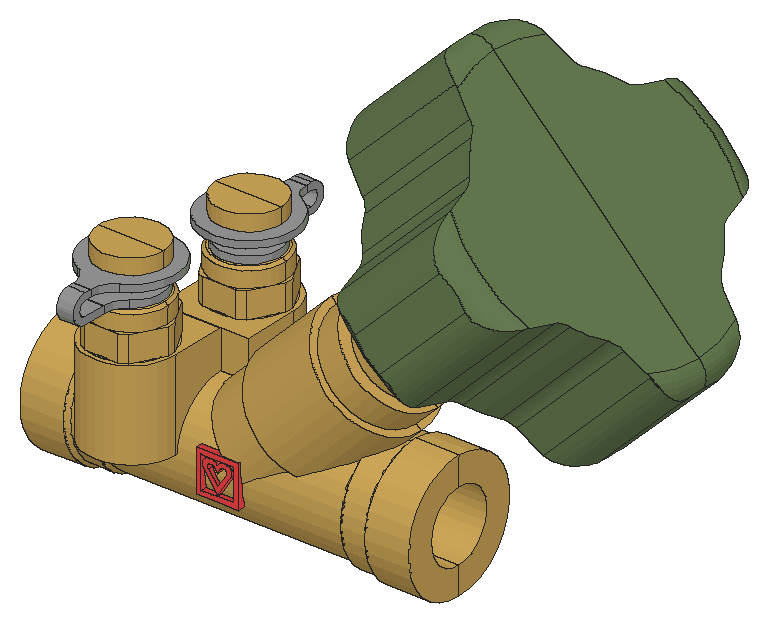
Revit family "Strangregulierventil mit Messblende für Trinkwasseranlagen 4017 MW", category Rohrzubehör, Revit 2020
Family settings
  Bemaßung runder Anschluss = Durchmesser verwenden
  Teiletyp = Unterbricht
  OmniClass-Nummer = 23.65.55.14
  OmniClass-Titel = Valves for Liquid Services
  Arbeitsebenenbasiert = Nein
  Immer vertikal = Ja
  Beim Laden mit Abzugskörper schneiden = Nein
  Gemeinsam genutzt = Nein
Parameters
  kvs-Wert [instance] = if(Nennweite = 15.000 mm, 2, if(Nennweite = 20.000 mm, 3.6, if(Nennweite = 25.000 mm, 6.5, if(Nennweite = 32.000 mm, 13.3, if(Nennweite = 40.000 mm, 18.5, if(Nennweite = 50.000 mm, 33, 0))))))  # 2
  kv-Wert der Blende [instance] = if(Nennweite = 15.000 mm, 1.95, if(Nennweite = 20.000 mm, 3.95, if(Nennweite = 25.000 mm, 7.9, if(Nennweite = 32.000 mm, 15.75, if(Nennweite = 40.000 mm, 21.5, if(Nennweite = 50.000 mm, 46.7, 0))))))  # 1.95
  W01 = 45.00°  # constant formula
  Vorgabe-Ansicht = 0.000 mm
  URL = "www.herz-armaturen.at"
  SW01 = 60.00°  # constant formula
  SCRNSEQ = "FW;SBT_TYP_FW=\"109\";2"
  SCRNCODE = "04;00;02"  # constant formula
  S03 = 60.000 mm  # constant formula
  S02 [instance] = L04 + L06 + L07  # 76.800 mm
  S01 [instance] = D01 * 2  # 27.000 mm
  R03 = 21.500 mm  # constant formula
  R02 = 9.500 mm  # constant formula
  R01 = 12.000 mm  # constant formula
  O-Ringe = "EPDM"  # constant formula
  Medium = "Trinkwasser"  # constant formula
  L10 [instance] = size_lookup("4017_MW_", "L10", 1.000 mm, Nennweite)  # 28.500 mm
  L09 [instance] = size_lookup("4017_MW_", "L9", 1.000 mm, Nennweite)  # 22.500 mm
  L08 [instance] = size_lookup("4017_MW_", "L8", 1.000 mm, Nennweite)  # 12.700 mm
  L07 [instance] = size_lookup("4017_MW_", "L7", 1.000 mm, Nennweite)  # 35.100 mm
  L06 [instance] = size_lookup("4017_MW_", "L6", 1.000 mm, Nennweite)  # 6.500 mm
  L05 [instance] = size_lookup("4017_MW_", "L5", 1.000 mm, Nennweite)  # 20.200 mm
  L04 [instance] = size_lookup("4017_MW_", "L4", 1.000 mm, Nennweite)  # 35.200 mm
  L03 [instance] = size_lookup("4017_MW_", "L3", 1.000 mm, Nennweite)  # 1.000 mm
  Hinweis = "Gemäß Art 33 der REACH-Verordnung (EG Nr. 1907/2006) sind wir verpflichtet, darauf hinzuweisen, dass der Stoff Blei auf der SVHC-Liste geführt wird und dass alle aus Messing bestehenden Bauteile, die in unseren Erzeugnissen verarbeitet sind, mehr als 0,1 % (w/w) Blei (CAS: 7439-92-1 / EINECS: 231-100-4) enthalten.\r\nDa Blei als Legierungsbestandteil fest gebunden ist, sind keine Expositionen zu erwarten und daher sind keine zusätzlichen Angaben zur sicheren Verwendung notwendig."
  Handrad = "Kunststoff, grün"  # constant formula
  H03 [instance] = H01 - 19.000 mm  # 1.000 mm
  H02 = 13.000 mm  # constant formula
  Gehäuse = "entzinkungsbeständiges Messing (DZR)"  # constant formula
  E01 [instance] = L00 / -2  # -41.500 mm
  E00 = 0.000 mm  # constant formula
  D09 [instance] = size_lookup("4017_MW_", "D9", 1.000 mm, Nennweite)  # 11.750 mm
  D08 [instance] = size_lookup("4017_MW_", "D8", 1.000 mm, Nennweite)  # 9.500 mm
  D07 [instance] = size_lookup("4017_MW_", "D7", 1.000 mm, Nennweite)  # 12.000 mm
  D06 [instance] = size_lookup("4017_MW_", "D6", 1.000 mm, Nennweite)  # 13.500 mm
  D05 [instance] = size_lookup("4017_MW_", "D5", 1.000 mm, Nennweite)  # 12.500 mm
  D04 [instance] = Nennweite / 2  # 7.500 mm
  IG [instance] = Nennweite / 2  # 7.500 mm
  D03 [instance] = size_lookup("4017_MW_", "D3", 1.000 mm, Nennweite)  # 11.900 mm
  D02 [instance] = size_lookup("4017_MW_", "D2", 1.000 mm, Nennweite)  # 12.700 mm
  D01 [instance] = size_lookup("4017_MW_", "D1", 1.000 mm, Nennweite)  # 13.500 mm
  Nennweite [instance] = 15.000 mm
  Max. Differenzdruck bei geschlossenen Sitz = 1000000.0 Pa  # constant formula
  Max. Betriebstemperatur bei 10 bar = 85 °C  # constant formula
  Max. Betriebsdruck bei 20°C = 2000000.0 Pa  # constant formula
  L02 [instance] = size_lookup("4017_MW_", "L2", 1.000 mm, Nennweite)  # 5.000 mm
  L01 [instance] = size_lookup("4017_MW_", "L1", 1.000 mm, Nennweite)  # 9.250 mm
  L00 [instance] = size_lookup("4017_MW_", "L", 1.000 mm, Nennweite)  # 83.000 mm
  Hersteller = "HERZ Armaturen Ges.m.b.H."  # constant formula
  H01 [instance] = size_lookup("4017_MW_", "H1", 1.000 mm, Nennweite)  # 20.000 mm
  GT [instance] = size_lookup("4017_MW_", "GT", 1.000 mm, Nennweite)  # 13.200 mm
  DN50 [instance] = Nennweite = 50.000 mm  # no
  DN40 [instance] = Nennweite = 40.000 mm  # no
  DN32 [instance] = Nennweite = 32.000 mm  # no
  DN25 [instance] = Nennweite = 25.000 mm  # no
  DN20 [instance] = Nennweite = 20.000 mm  # no
  DN15 [instance] = Nennweite = 15.000 mm  # yes
  Bestellnummer [instance] = size_lookup("4017_MW_", "Artnr", 0, Nennweite)  # 2401701
  Ausführung = "Nach Norm BS 7350 PN20 Serie B\r\nSchrägsitzregulierventil aus Kupferlegierung.\r\nAlle wasserberührten Metallteile sind aus entzinkungsbeständiger Kupferlegierung hergestellt.\r\nDie Oberteile sind mit nichtsteigender Spindel ausgestattet."
  Anwendungsgebiet = "Zum Absperren und Regulieren von Trinkwasseranlagen in Gebäuden bzw. zum hydraulischen Abgleich von Versorgungsleitungen."
Reference planes
  plane 1 "Mitte (Vorne/hinten)": y = 0
  plane 2: z = 0
  plane 3 "Mitte (Links/rechts)": x = 0
Forms (mm)
  Revolve 1, solid, material "Messing, weicher Gelbton, geschweißt", detail levels fine
    sketch origin (470, 0, 0) x (1, 0, 0) y (0, 0, 1)
      loop
        line (-511.5, 7.5) -> (-498.3, 7.5) -> (-498.3, 0) -> (-441.7, 0) -> (-441.7, 7.5) -> (-428.5, 7.5) -> (-428.5, 13.5) -> (-437.75, 13.5) -> (-438.55, 12.7) -> (-443.55, 12.7) -> (-444.35, 11.9) -> (-495.65, 11.9) -> (-496.45, 12.7) -> (-501.45, 12.7) -> (-502.25, 13.5) -> (-511.5, 13.5) -> (-511.5, 7.5)
      axis (-511.5, 0) -> (-428.5, 0)
    angle from 0 to 360
  Revolve 2, solid, material "Messing, weicher Gelbton, geschweißt", detail levels fine
    sketch origin (0.32, 0, -0.105) x (1, 0, 0) y (0, 0, 1)
      loop
        line (-1.32, 0.105) -> (52.986, 54.411) -> (44.677, 62.719) -> (35.697, 53.739) -> (37.288, 52.148) -> (21.449, 36.309) -> (19.681, 38.076) -> (15.085, 33.48) -> (14.024, 34.541) -> (-0.259, 20.257) -> (0.448, 19.55) -> (-7.098, 12.005) -> (-6.623, 5.408) -> (-1.32, 0.105)
      axis (-1.32, 0.105) -> (52.986, 54.411)
    angle from 0 to 360
  Extrusion 3, solid, material "Messing, weicher Gelbton, geschweißt", detail levels fine
    sketch origin (0, 0, 0) x (1, 0, 0) y (0, 1, 0)
      loop
        arc (-28.5, -12) -> (-19, -21.5) -> (-9.5, -12) r 9.5
        line (-9.5, -12) -> (-9.5, 0) -> (-28.5, 0) -> (-28.5, -12)
    from 1 <- "H03" to 20 <- "H01"
  Extrusion 4, solid, material "Messing, weicher Gelbton, geschweißt", detail levels fine
    sketch origin (0, 0, 0) x (1, 0, 0) y (0, 1, 0)
      loop
        line (-22.5, 12) -> (-22.5, 0) -> (-3.5, 0) -> (-3.5, 12)
        arc (-3.5, 12) -> (-13, 21.5) -> (-22.5, 12) r 9.5
    from 0 to 20 <- "H01"
Lines and regions (mm)
  model lines, detail levels coarse+medium
    curve 1: line (-41.5, 0, 13.5) -> (-41.5, 0, -13.5)
    curve 2: line (-41.5, 0, -13.5) -> (41.5, 0, 13.5)
    curve 3: line (41.5, 0, 13.5) -> (41.5, 0, -13.5)
    curve 4: line (41.5, 0, -13.5) -> (-41.5, 0, 13.5)
    curve 5: line (0, 0, 0) -> (38.4, 0, 66.511)
    curve 6: line (12.419, 0, 81.511) -> (64.381, 0, 51.511)
    curve 7: line (-41.5, -13.5, 0) -> (-41.5, 13.5, 0)
    curve 8: line (-41.5, 13.5, 0) -> (41.5, -13.5, 0)
    curve 9: line (41.5, -13.5, 0) -> (41.5, 13.5, 0)
    curve 10: line (41.5, 13.5, 0) -> (-41.5, -13.5, 0)
    curve 11: line (0, 0, 0) -> (38.4, 66.511, 0)
    curve 12: line (12.419, 81.511, 0) -> (64.381, 51.511, 0)
Dimensions and locks
  "L00": Revolve 1 sketch curve to Revolve 1 sketch curve
  equal spacing: Revolve 1 sketch curve, plane 3 "Mitte (Links/rechts)", Revolve 1 sketch curve
  "D01": Revolve 1 sketch curve to Revolve 1 sketch curve  (x2)
  "GT": Revolve 1 sketch curve to Revolve 1 sketch curve  (x2)
  "D06": Revolve 2 sketch curve to Revolve 2 sketch curve
  "D07": Revolve 2 sketch curve to Revolve 2 sketch curve
  "D08": Revolve 2 sketch curve to Revolve 2 sketch curve
  "D09": Revolve 2 sketch curve to Revolve 2 sketch curve
  equal spacing: curve 1, plane 3 "Mitte (Links/rechts)", curve 3
  "L00": curve 1 to curve 3
  equal spacing: curve 4, plane 2, curve 2
  "S01": curve 4 to curve 1
  "S01": curve 3 to curve 4
  equal spacing: curve 3, plane 2, curve 4
  "S02": curve 5 to curve 5
  equal spacing: curve 6, curve 5, curve 6
  "S03": curve 6 to curve 6
  equal spacing: curve 7, plane 3 "Mitte (Links/rechts)", curve 9
  "L00": curve 7 to curve 9
  equal spacing: curve 10, plane 1 "Mitte (Vorne/hinten)", curve 8
  "S01": curve 8 to curve 10
  equal spacing: curve 9, plane 1 "Mitte (Vorne/hinten)", curve 10
  "S01": curve 10 to curve 9
  "S02": curve 11 to curve 11
  equal spacing: curve 12, curve 11, curve 12
  "S03": curve 12 to curve 12
  "L01": Revolve 1 sketch curve to Revolve 1 sketch curve  (x2)
  "D02": Revolve 1 sketch curve to plane 2  (x2)
  "D03": Revolve 1 sketch curve to plane 2
  "IG": Revolve 1 sketch curve to plane 2  (x2)
  "L02": Revolve 1 sketch curve to Revolve 1 sketch curve  (x2)
  "L04": Revolve 2 sketch curve to Revolve 2 sketch curve
  "L05": Revolve 2 sketch curve to Revolve 2 sketch curve
  "D03": Revolve 2 sketch curve to plane 2
  "L06": Revolve 2 sketch curve to Revolve 2 sketch curve
  "L08": Revolve 2 sketch curve to Revolve 2 sketch curve
  "L07": Revolve 2 sketch curve to Revolve 2 sketch curve
  "D04": Revolve 2 sketch curve to Revolve 2 sketch curve
  "D05": Revolve 2 sketch curve to Revolve 2 sketch curve
  "L03": plane 3 "Mitte (Links/rechts)" to Revolve 2 sketch curve  (x2)
  "D03": nested 1 to plane 1 "Mitte (Vorne/hinten)"
  "L09": Revolve 1 to Extrusion 3 sketch curve
  "R01": Extrusion 3 sketch curve to plane 1 "Mitte (Vorne/hinten)"
  "R01": plane 1 "Mitte (Vorne/hinten)" to Extrusion 4 sketch curve
  "L10": Revolve 1 to Extrusion 4 sketch curve
  "H01": nested 3 to plane 2
  "H01": nested 2 to plane 2
  "R01": nested 3 to plane 1 "Mitte (Vorne/hinten)"
  "R01": plane 1 "Mitte (Vorne/hinten)" to nested 2
  "L10": Revolve 1 to nested 2
  "L09": Revolve 1 to nested 3
  "R02": radius of Extrusion 3 sketch curve
  "R02": radius of Extrusion 4 sketch curve
  "W01": angle level to Revolve 2 sketch curve
  "SW01": angle plane 2 to curve 5
  "SW01": angle plane 1 "Mitte (Vorne/hinten)" to curve 11
  "W01": angle Revolve 1 sketch curve to Revolve 1 sketch curve  (x4)
  "W01": angle plane 2 to Revolve 2 sketch curve
  aligned and locked: level to plane 2
Automatic sketch dimensions
  curve 5 to level = 0.000 mm
  plane 1 "Mitte (Vorne/hinten)" to curve 11 = 0.000 mm
  Revolve 1 sketch curve to level = 0.000 mm  (x2)
  Revolve 1 sketch curve to Revolve 1 sketch curve = 791.990 mm
  Revolve 1 sketch curve to Revolve 1 sketch curve = 2278.983 mm
  Revolve 2 sketch curve to level = 0.000 mm  (x2)
  plane 1 "Mitte (Vorne/hinten)" to Extrusion 3 sketch curve = 0.000 mm
  plane 1 "Mitte (Vorne/hinten)" to Extrusion 4 sketch curve = 0.000 mm
Nested families
  nested 1: "Herz-Logo-vorne" at (0, -11.9, 0) x (0, 1, 0) z (0, 0, 1), type "Herz-Logo-vorne", detail levels fine
  nested 2: "Messstutzen_Band_Austritt_senkrecht_(oben)" at (-13, 12, 2.5), type "Messstutzen_Band_Austritt_senkrecht_(oben)"
    with Schutzkappe yes, Nennweite 0.000 mm, Gewicht 0.00 kg, Bestellnummer 0
  nested 3: "Messstutzen_Band_Eintritt_senkrecht_(oben)" at (-19, -12, 2.5) x (-1, 0, 0) z (0, 0, 1), type "Messstutzen_Band_Eintritt_senkrecht_(oben)"
    with Schutzkappe yes, Nennweite 0.000 mm, Gewicht 0.00 kg, Bestellnummer 0
  nested 4: "Strangregulierventil-Handrad (Grün) DN15-DN32" at (53.306, 0, 54.306), visible <- "DN15", type "Strangregulierventil-Handrad (Grün) DN15-DN32"
    with Nennweite 0.000 mm, Gewicht 0.00 kg, Bestellnummer 0
  nested 5: "Strangregulierventil-Handrad (Grün) DN15-DN32" at (55.846, 0, 56.846), visible <- "DN20", type "Strangregulierventil-Handrad (Grün) DN15-DN32"
    with Nennweite 0.000 mm, Gewicht 0.00 kg, Bestellnummer 0
  nested 6: "Strangregulierventil-Handrad (Grün) DN15-DN32" at (64.569, 0, 70.069), visible <- "DN25", type "Strangregulierventil-Handrad (Grün) DN15-DN32"
    with Nennweite 0.000 mm, Gewicht 0.00 kg, Bestellnummer 0
  nested 7: "Strangregulierventil-Handrad (Grün) DN15-DN32" at (67.426, 0, 76.226), visible <- "DN32", type "Strangregulierventil-Handrad (Grün) DN15-DN32"
    with Nennweite 0.000 mm, Gewicht 0.00 kg, Bestellnummer 0
  nested 8: "Strangregulierventil-Handrad (Grün) DN40-DN50" at (76.747, 0, 88.247), visible <- "DN40", type "Strangregulierventil-Handrad (Grün) DN40-DN50"
    with Nennweite 0.000 mm, Gewicht 0.00 kg, Bestellnummer 0
  nested 9: "Strangregulierventil-Handrad (Grün) DN40-DN50" at (75.124, 0, 91.924), visible <- "DN50", type "Strangregulierventil-Handrad (Grün) DN40-DN50"
    with Nennweite 0.000 mm, Gewicht 0.00 kg, Bestellnummer 0
Connectors
  piping at (-28.3, 0, 0), diameter 15, driven by "Nennweite"
    settings: on Revolve 1, index 1, connector inside diameter 609.6 mm, connector length 0.000 mm, flow factor 0, pipe flow 0.0 L/s, pressure drop 0.0 Pa, fitting loss kfactor 0, connector angle 0.00°, fixture units 0, engagement length 0.000 mm, angle of deflection 0.00°, flow configuration 0, flow direction 1, fitting loss method 0, system type 29, joint type 0, gender type 0, connector reference index -1, connector utility 0, adjustable connector no, is connector primary yes, connector description ""
  piping at (28.3, 0, 0), diameter 15, driven by "Nennweite"
    settings: on Revolve 1, index 2, connector inside diameter 609.6 mm, connector length 0.000 mm, flow factor 0, pipe flow 0.0 L/s, pressure drop 0.0 Pa, fitting loss kfactor 0, connector angle 0.00°, fixture units 0, engagement length 0.000 mm, angle of deflection 0.00°, flow configuration 0, flow direction 2, fitting loss method 0, system type 29, joint type 0, gender type 0, connector reference index -1, connector utility 0, adjustable connector no, is connector primary no, connector description ""
Definition of nested family "Herz-Logo-vorne"
  Parameters (values of type "Herz-Logo-vorne")
    Default Elevation = 0.000 mm
  Reference planes
    plane 1 "Mitte (Vorne/hinten)": y = 0
    plane 2: z = 0
    plane 3 "Mitte (Links/rechts)": x = 0
  Forms (mm)
    Extrusion 1, solid
      sketch origin (0.732, -0.018, 0.017) x (0, -1, 0) y (0, 0, 1)
        loop
          line (-0.018, -4.517) -> (4.482, -4.517) -> (4.482, 4.483) -> (-4.518, 4.483) -> (-4.518, -4.517) -> (-0.018, -4.517)
        loop
          line (-0.05, -3.48) -> (3.482, -3.48) -> (3.482, 3.483) -> (-3.518, 3.483) -> (-3.518, -3.48) -> (-0.05, -3.48)
        loop
          arc (-0.018, 2.383) -> (-1.543, 3.287) -> (-3.067, 2.383) r 1.738
          arc (-3.067, 2.383) -> (-3.191, 1.899) -> (-3.067, 1.415) r 1.009
          line (-3.067, 1.415) -> (-0.018, -3.281) -> (3.032, 1.415)
          arc (3.032, 1.415) -> (3.156, 1.899) -> (3.032, 2.383) r 1.009
          arc (3.032, 2.383) -> (1.507, 3.287) -> (-0.018, 2.383) r 1.738
        loop
          arc (1.885, 1.272) -> (2.005, 1.675) -> (1.885, 2.079) r 0.74
          arc (1.885, 2.079) -> (1.265, 2.416) -> (0.644, 2.079) r 0.74
          line (0.644, 2.079) -> (-0.018, 0.97) -> (-0.679, 2.079)
          arc (-0.679, 2.079) -> (-1.3, 2.416) -> (-1.921, 2.079) r 0.74
          arc (-1.921, 2.079) -> (-2.04, 1.675) -> (-1.921, 1.272) r 0.74
          line (-1.921, 1.272) -> (-0.018, -1.658) -> (1.885, 1.272)
      from 0 to 1.5
  Dimensions and locks
    aligned and locked: level to plane 2
Definition of nested family "Messstutzen_Band_Austritt_senkrecht_(oben)"
  Parameters (values of type "Messstutzen_Band_Austritt_senkrecht_(oben)")
    Default Elevation = 0.000 mm
    URL = "www.herz-armaturen.at"
    Schutzkappe [instance] = yes
    Nennweite [instance] = 0.000 mm
    Manufacturer = "Herz Armaturen GmbH"  # constant formula
    Gewicht [instance] = 0.00 kg
    Bestellnummer [instance] = 0
  Reference planes
    plane 1 "Mitte (Vorne/hinten)": y = 0
    plane 2: z = 0
    plane 3 "Mitte (Links/rechts)": x = 0
    plane 4 "Schlaufe 1": z = -27
    plane 5 "Schlaufe 2": z = -31.678
  Forms (mm)
    Revolve 1, solid, detail levels fine
      sketch origin (0, 0, 0) x (1, 0, 0) y (0, 0, 1)
        loop
          line (-7.4, 9) -> (-5.55, 9) -> (-5.55, 6)
          arc (-5.55, 6) -> (-5.626, 5.617) -> (-5.843, 5.293) r 1
          line (-5.843, 5.293) -> (-6.455, 4.681) -> (-6.455, 0.9) -> (-5.555, 0) -> (-2, 0) -> (-2, 17.5) -> (-8.4, 17.5)
          arc (-8.4, 17.5) -> (-7.693, 17.207) -> (-7.4, 16.5) r 1
          line (-7.4, 16.5) -> (-7.4, 9)
        loop
          line (-3.7, 27) -> (-7.3, 27) -> (-7.9, 26.4) -> (-7.9, 23) -> (-2, 23) -> (-2, 35.8) -> (-3.805, 35.8) -> (-4.415, 35.19) -> (-4.415, 30.863) -> (-3.7, 30.45) -> (-3.7, 27)
        axis (0, 0) -> (0, 35.8)
      angle from 0 to 360
    Extrusion 2, solid, detail levels fine
      sketch origin (0, 0, 17.5) x (0, 1, 0) y (-1, 0, 0)
        loop
          arc (-7.07, 5.156) -> (-7.578, 4.375) -> (-8, 3.544) r 8.75
          line (-8, 3.544) -> (-8, -3.544)
          arc (-8, -3.544) -> (-7.578, -4.375) -> (-7.07, -5.156) r 8.75
          line (-7.07, -5.156) -> (-0.93, -8.7)
          arc (-0.93, -8.7) -> (0, -8.75) -> (0.93, -8.7) r 8.75
          line (0.93, -8.7) -> (7.07, -5.156)
          arc (7.07, -5.156) -> (7.578, -4.375) -> (8, -3.544) r 8.75
          line (8, -3.544) -> (8, 3.544)
          arc (8, 3.544) -> (7.578, 4.375) -> (7.07, 5.156) r 8.75
          line (7.07, 5.156) -> (0.93, 8.7)
          arc (0.93, 8.7) -> (0, 8.75) -> (-0.93, 8.7) r 8.75
          line (-0.93, 8.7) -> (-7.07, 5.156)
      from 0 to 5.5
    Revolve 3, solid, visible <- "Schutzkappe", detail levels fine
      sketch origin (0, 0, 0) x (1, 0, 0) y (0, 0, 1)
        loop
          line (0, 35.878) -> (0, 36.678) -> (-7, 36.678) -> (-7, 33.378) -> (-6.1, 33.378) -> (-6.1, 31.678) -> (-6.9, 31.678) -> (-6.9, 30.178) -> (-4.415, 30.178) -> (-4.415, 35.268) -> (-3.805, 35.878) -> (0, 35.878)
        axis (0, 30.178) -> (0, 36.678)
      angle from 0 to 360
    Extrusion 4, solid, detail levels fine
      sketch origin (0, 0, 28.5) x (1, 0, 0) y (0, 1, 0)
        loop
          circle (0, 0) r 3.7
        loop
          arc (-3.906, 5.505) -> (0, -6.75) -> (3.906, 5.505) r 6.75
          arc (3.906, 5.505) -> (2.358, 7.288) -> (1.8, 9.582) r 5
          line (1.8, 9.582) -> (-1.8, 9.582)
          arc (-1.8, 9.582) -> (-2.358, 7.288) -> (-3.906, 5.505) r 5
      from 0 to -1.5
    Extrusion 5, solid, detail levels fine
      sketch origin (0, 0, 33.178) x (1, 0, 0) y (0, 1, 0)
        loop
          circle (0, 0) r 6.1
        loop
          arc (-4.495, 8.652) -> (0, -9.75) -> (4.495, 8.652) r 9.75
          arc (4.495, 8.652) -> (2.527, 10.493) -> (1.8, 13.089) r 5
          line (1.8, 13.089) -> (-1.8, 13.089)
          arc (-1.8, 13.089) -> (-2.527, 10.493) -> (-4.495, 8.652) r 5
      from 0 to -1.5
    Sweep 6, solid, detail levels fine
      path origin (0, 0, 0) x (0, 0, -1) y (0, -1, 0)
        loop
          line (-27.75, -9.582) -> (-27.75, -14.522)
          arc (-27.75, -14.522) -> (-30.089, -16.862) -> (-32.428, -14.522) r 2.339
          line (-32.428, -14.522) -> (-32.428, -13.089)
      profile origin (0, 12.052, 27.75) x (0, 0, 1) y (1, 0, 0)
        loop
          line (-0.75, -1.8) -> (0.75, -1.8) -> (0.75, 1.8) -> (-0.75, 1.8) -> (-0.75, -1.8)
  Dimensions and locks
    aligned and locked: level to plane 2
Definition of nested family "Messstutzen_Band_Eintritt_senkrecht_(oben)"
  Parameters (values of type "Messstutzen_Band_Eintritt_senkrecht_(oben)")
    Default Elevation = 0.000 mm
    URL = "www.herz-armaturen.at"
    Schutzkappe [instance] = yes
    Nennweite [instance] = 0.000 mm
    Manufacturer = "Herz Armaturen GmbH"  # constant formula
    Gewicht [instance] = 0.00 kg
    Bestellnummer [instance] = 0
  Reference planes
    plane 1 "Mitte (Vorne/hinten)": y = 0
    plane 2: z = 0
    plane 3 "Mitte (Links/rechts)": x = 0
    plane 4 "Schlaufe 1": z = -27
    plane 5 "Schlaufe 2": z = -31.678
  Forms (mm)
    Revolve 1, solid, detail levels fine
      sketch origin (0, 0, 0) x (1, 0, 0) y (0, 0, 1)
        loop
          line (-7.4, 9) -> (-5.55, 9) -> (-5.55, 6)
          arc (-5.55, 6) -> (-5.626, 5.617) -> (-5.843, 5.293) r 1
          line (-5.843, 5.293) -> (-6.455, 4.681) -> (-6.455, 0.9) -> (-5.555, 0) -> (-2, 0) -> (-2, 17.5) -> (-8.4, 17.5)
          arc (-8.4, 17.5) -> (-7.693, 17.207) -> (-7.4, 16.5) r 1
          line (-7.4, 16.5) -> (-7.4, 9)
        loop
          line (-3.7, 27) -> (-7.3, 27) -> (-7.9, 26.4) -> (-7.9, 23) -> (-2, 23) -> (-2, 35.8) -> (-3.805, 35.8) -> (-4.415, 35.19) -> (-4.415, 30.863) -> (-3.7, 30.45) -> (-3.7, 27)
        axis (0, 0) -> (0, 35.8)
      angle from 0 to 360
    Extrusion 2, solid, detail levels fine
      sketch origin (0, 0, 17.5) x (0, 1, 0) y (-1, 0, 0)
        loop
          arc (-7.07, 5.156) -> (-7.578, 4.375) -> (-8, 3.544) r 8.75
          line (-8, 3.544) -> (-8, -3.544)
          arc (-8, -3.544) -> (-7.578, -4.375) -> (-7.07, -5.156) r 8.75
          line (-7.07, -5.156) -> (-0.93, -8.7)
          arc (-0.93, -8.7) -> (0, -8.75) -> (0.93, -8.7) r 8.75
          line (0.93, -8.7) -> (7.07, -5.156)
          arc (7.07, -5.156) -> (7.578, -4.375) -> (8, -3.544) r 8.75
          line (8, -3.544) -> (8, 3.544)
          arc (8, 3.544) -> (7.578, 4.375) -> (7.07, 5.156) r 8.75
          line (7.07, 5.156) -> (0.93, 8.7)
          arc (0.93, 8.7) -> (0, 8.75) -> (-0.93, 8.7) r 8.75
          line (-0.93, 8.7) -> (-7.07, 5.156)
      from 0 to 5.5
    Revolve 3, solid, visible <- "Schutzkappe", detail levels fine
      sketch origin (0, 0, 0) x (1, 0, 0) y (0, 0, 1)
        loop
          line (0, 35.878) -> (0, 36.678) -> (-7, 36.678) -> (-7, 33.378) -> (-6.1, 33.378) -> (-6.1, 31.678) -> (-6.9, 31.678) -> (-6.9, 30.178) -> (-4.415, 30.178) -> (-4.415, 35.268) -> (-3.805, 35.878) -> (0, 35.878)
        axis (0, 30.178) -> (0, 36.678)
      angle from 0 to 360
    Extrusion 4, solid, detail levels fine
      sketch origin (0, 0, 28.5) x (1, 0, 0) y (0, 1, 0)
        loop
          circle (0, 0) r 3.7
        loop
          arc (-3.906, 5.505) -> (0, -6.75) -> (3.906, 5.505) r 6.75
          arc (3.906, 5.505) -> (2.358, 7.288) -> (1.8, 9.582) r 5
          line (1.8, 9.582) -> (-1.8, 9.582)
          arc (-1.8, 9.582) -> (-2.358, 7.288) -> (-3.906, 5.505) r 5
      from 0 to -1.5
    Extrusion 5, solid, detail levels fine
      sketch origin (0, 0, 33.178) x (1, 0, 0) y (0, 1, 0)
        loop
          circle (0, 0) r 6.1
        loop
          arc (-4.495, 8.652) -> (0, -9.75) -> (4.495, 8.652) r 9.75
          arc (4.495, 8.652) -> (2.527, 10.493) -> (1.8, 13.089) r 5
          line (1.8, 13.089) -> (-1.8, 13.089)
          arc (-1.8, 13.089) -> (-2.527, 10.493) -> (-4.495, 8.652) r 5
      from 0 to -1.5
    Sweep 6, solid, detail levels fine
      path origin (0, 0, 0) x (0, 0, -1) y (0, -1, 0)
        loop
          line (-27.75, -9.582) -> (-27.75, -14.522)
          arc (-27.75, -14.522) -> (-30.089, -16.862) -> (-32.428, -14.522) r 2.339
          line (-32.428, -14.522) -> (-32.428, -13.089)
      profile origin (0, 12.052, 27.75) x (0, 0, 1) y (1, 0, 0)
        loop
          line (-0.75, -1.8) -> (0.75, -1.8) -> (0.75, 1.8) -> (-0.75, 1.8) -> (-0.75, -1.8)
  Dimensions and locks
    aligned and locked: level to plane 2
Definition of nested family "Strangregulierventil-Handrad (Grün) DN15-DN32"
  Parameters (values of type "Strangregulierventil-Handrad (Grün) DN15-DN32")
    Default Elevation = 0.000 mm
    URL = "www.herz-armaturen.at"
    Nennweite [instance] = 0.000 mm
    Manufacturer = "Herz Armaturen GmbH"  # constant formula
    Gewicht [instance] = 0.00 kg
    Bestellnummer [instance] = 0
  Reference planes
    plane 1 "Mitte (Vorne/hinten)": y = 0
    plane 2: z = 0
    plane 3 "Mitte (Links/rechts)": x = 0
  Forms (mm)
    Revolve 1, solid, detail levels fine
      sketch origin (0, 0, 0) x (0.707107, 0, -0.707107) y (0.707107, 0, 0.707107)
        loop
          line (0, 0) -> (0, 24.95) -> (-30.992, 24.95)
          arc (-30.992, 24.95) -> (-34.37, 23.636) -> (-35.973, 20.386) r 5
          line (-35.973, 20.386) -> (-37, 8.65) -> (-35.986, -2.936)
          arc (-35.986, -2.936) -> (-34.383, -6.186) -> (-31.005, -7.5) r 5
          line (-31.005, -7.5) -> (-15, -7.5) -> (-15, 0) -> (0, 0)
        axis (0, 24.95) -> (0, -7.5)
      angle from 0 to 360
    Extrusion 2, void
      sketch origin (14.354, 0, 14.354) x (0.707107, 0, -0.707107) y (0, 1, 0)
        loop
          line (3.861, 35.5) -> (-3.861, 35.5)
          arc (-3.861, 35.5) -> (-8.731, 33.847) -> (-11.589, 29.571) r 8
          line (-11.589, 29.571) -> (-13.284, 23.245)
          arc (-13.284, 23.245) -> (-13.982, 21.722) -> (-15.144, 20.516) r 5
          arc (-15.144, 20.516) -> (-18.031, 18.031) -> (-20.516, 15.144) r 25.5
          arc (-20.516, 15.144) -> (-21.722, 13.982) -> (-23.245, 13.284) r 5
          line (-23.245, 13.284) -> (-29.571, 11.589)
          arc (-29.571, 11.589) -> (-33.847, 8.731) -> (-35.5, 3.861) r 8
          line (-35.5, 3.861) -> (-35.5, -3.861)
          arc (-35.5, -3.861) -> (-33.847, -8.731) -> (-29.571, -11.589) r 8
          line (-29.571, -11.589) -> (-23.245, -13.284)
          arc (-23.245, -13.284) -> (-21.722, -13.982) -> (-20.516, -15.144) r 5
          arc (-20.516, -15.144) -> (-18.031, -18.031) -> (-15.144, -20.516) r 25.5
          arc (-15.144, -20.516) -> (-13.982, -21.722) -> (-13.284, -23.245) r 5
          line (-13.284, -23.245) -> (-11.589, -29.571)
          arc (-11.589, -29.571) -> (-8.731, -33.847) -> (-3.861, -35.5) r 8
          line (-3.861, -35.5) -> (3.861, -35.5)
          arc (3.861, -35.5) -> (8.731, -33.847) -> (11.589, -29.571) r 8
          line (11.589, -29.571) -> (13.284, -23.245)
          arc (13.284, -23.245) -> (13.982, -21.722) -> (15.144, -20.516) r 5
          arc (15.144, -20.516) -> (18.031, -18.031) -> (20.516, -15.144) r 25.5
          arc (20.516, -15.144) -> (21.722, -13.982) -> (23.245, -13.284) r 5
          line (23.245, -13.284) -> (29.571, -11.589)
          arc (29.571, -11.589) -> (33.847, -8.731) -> (35.5, -3.861) r 8
          line (35.5, -3.861) -> (35.5, 3.861)
          arc (35.5, 3.861) -> (33.847, 8.731) -> (29.571, 11.589) r 8
          line (29.571, 11.589) -> (23.245, 13.284)
          arc (23.245, 13.284) -> (21.722, 13.982) -> (20.516, 15.144) r 5
          arc (20.516, 15.144) -> (18.031, 18.031) -> (15.144, 20.516) r 25.5
          arc (15.144, 20.516) -> (13.982, 21.722) -> (13.284, 23.245) r 5
          line (13.284, 23.245) -> (11.589, 29.571)
          arc (11.589, 29.571) -> (8.731, 33.847) -> (3.861, 35.5) r 8
        loop
          circle (0, 0) r 38
      from -31.266 to 7.923
  Cuts and joins
    Extrusion 2 cuts Revolve 1
  Dimensions and locks
    Revolve 1 sketch curve to Revolve 1 sketch curve = 15.000 mm
    Revolve 1 sketch curve to Revolve 1 sketch curve = 16.150 mm
    Revolve 1 sketch curve to Revolve 1 sketch curve = 16.300 mm
    angle Revolve 1 sketch curve to Revolve 1 sketch curve = 95.00°
    aligned and locked: level to plane 2
Definition of nested family "Strangregulierventil-Handrad (Grün) DN40-DN50"
  Parameters (values of type "Strangregulierventil-Handrad (Grün) DN40-DN50")
    Default Elevation = 0.000 mm
    URL = "www.herz-armaturen.at"
    Nennweite [instance] = 0.000 mm
    Manufacturer = "Herz Armaturen GmbH"  # constant formula
    Gewicht [instance] = 0.00 kg
    Bestellnummer [instance] = 0
  Reference planes
    plane 1 "Mitte (Vorne/hinten)": y = 0
    plane 2: z = 0
    plane 3 "Mitte (Links/rechts)": x = 0
  Forms (mm)
    Revolve 1, solid, detail levels fine
      sketch origin (0, 0, 0) x (0.707107, 0, -0.707107) y (0.707107, 0, 0.707107)
        loop
          line (0, 0) -> (0, 24.95) -> (-50.992, 24.95)
          arc (-50.992, 24.95) -> (-54.37, 23.636) -> (-55.973, 20.386) r 5
          line (-55.973, 20.386) -> (-57, 8.65) -> (-55.986, -2.936)
          arc (-55.986, -2.936) -> (-54.383, -6.186) -> (-51.005, -7.5) r 5
          line (-51.005, -7.5) -> (-15, -7.5) -> (-15, 0) -> (0, 0)
        axis (0, 24.95) -> (0, -7.5)
      angle from 0 to 360
    Extrusion 2, void
      sketch origin (14.354, 0, 14.354) x (0.707107, 0, -0.707107) y (0, 1, 0)
        loop
          line (-55, 6.292) -> (-55, -6.292)
          arc (-55, -6.292) -> (-52.52, -13.597) -> (-46.106, -17.883) r 12
          line (-46.106, -17.883) -> (-35.399, -20.752)
          arc (-35.399, -20.752) -> (-33.541, -21.612) -> (-32.08, -23.047) r 6
          arc (-32.08, -23.047) -> (-27.931, -27.931) -> (-23.047, -32.08) r 39.5
          arc (-23.047, -32.08) -> (-21.612, -33.541) -> (-20.752, -35.399) r 6
          line (-20.752, -35.399) -> (-17.883, -46.106)
          arc (-17.883, -46.106) -> (-13.597, -52.52) -> (-6.292, -55) r 12
          line (-6.292, -55) -> (6.292, -55)
          arc (6.292, -55) -> (13.597, -52.52) -> (17.883, -46.106) r 12
          line (17.883, -46.106) -> (20.752, -35.399)
          arc (20.752, -35.399) -> (21.612, -33.541) -> (23.047, -32.08) r 6
          arc (23.047, -32.08) -> (27.931, -27.931) -> (32.08, -23.047) r 39.5
          arc (32.08, -23.047) -> (33.541, -21.612) -> (35.399, -20.752) r 6
          line (35.399, -20.752) -> (46.106, -17.883)
          arc (46.106, -17.883) -> (52.52, -13.597) -> (55, -6.292) r 12
          line (55, -6.292) -> (55, 6.292)
          arc (55, 6.292) -> (52.52, 13.597) -> (46.106, 17.883) r 12
          line (46.106, 17.883) -> (35.399, 20.752)
          arc (35.399, 20.752) -> (33.541, 21.612) -> (32.08, 23.047) r 6
          arc (32.08, 23.047) -> (27.931, 27.931) -> (23.047, 32.08) r 39.5
          arc (23.047, 32.08) -> (21.612, 33.541) -> (20.752, 35.399) r 6
          line (20.752, 35.399) -> (17.883, 46.106)
          arc (17.883, 46.106) -> (13.597, 52.52) -> (6.292, 55) r 12
          line (6.292, 55) -> (-6.292, 55)
          arc (-6.292, 55) -> (-13.597, 52.52) -> (-17.883, 46.106) r 12
          line (-17.883, 46.106) -> (-20.752, 35.399)
          arc (-20.752, 35.399) -> (-21.612, 33.541) -> (-23.047, 32.08) r 6
          arc (-23.047, 32.08) -> (-27.931, 27.931) -> (-32.08, 23.047) r 39.5
          arc (-32.08, 23.047) -> (-33.541, 21.612) -> (-35.399, 20.752) r 6
          line (-35.399, 20.752) -> (-46.106, 17.883)
          arc (-46.106, 17.883) -> (-52.52, 13.597) -> (-55, 6.292) r 12
        loop
          circle (0, 0) r 60
      from -31.161 to 7.489
  Cuts and joins
    Extrusion 2 cuts Revolve 1
  Dimensions and locks
    Revolve 1 sketch curve to Revolve 1 sketch curve = 15.000 mm
    Revolve 1 sketch curve to Revolve 1 sketch curve = 16.150 mm
    Revolve 1 sketch curve to Revolve 1 sketch curve = 16.300 mm
    Revolve 1 sketch curve to Revolve 1 sketch curve = 57.000 mm
    angle Revolve 1 sketch curve to Revolve 1 sketch curve = 95.00°
    aligned and locked: level to plane 2
